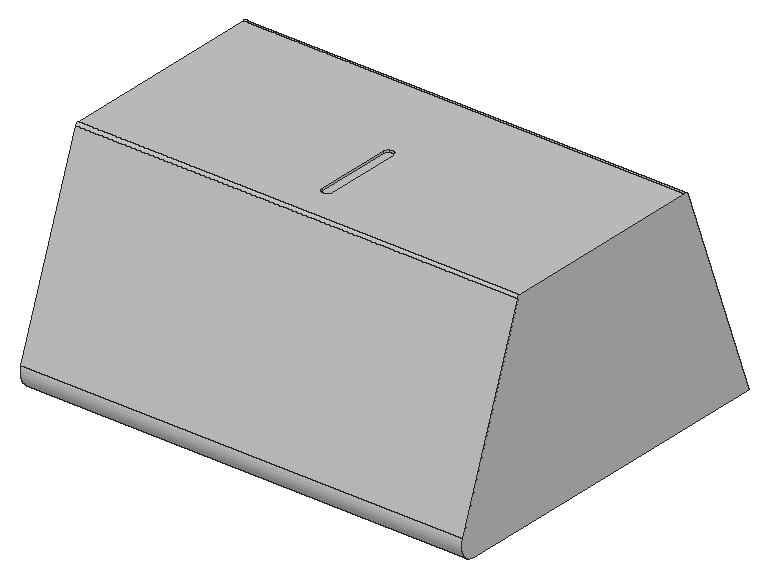
Revit family "NBS_DudleyIndustriesLimited_PprTwlDpnsrs_PlasmaPaperTowelDispenserSmall", category Furniture, host Face, Revit 2018
Family settings
  Host = Face
  Cut with Voids When Loaded = No
  Shared = No
  Room Calculation Point = No
Parameters (values of type "PlasmaPaperTowelDispenserSmall")
  Weight = "1.8 kg"
  WarrantyStartDate [instance] = "1900-12-31T23:59:59"
  WarrantyGuarantorParts = "n/a"
  WarrantyGuarantorLabor = "n/a"
  WarrantyDurationUnit = "year"
  WarrantyDurationParts = "n/a"
  WarrantyDurationLabor = "n/a"
  WarrantyDescription = "10 Years"
  Version = "1"  # constant formula
  Uniclass2015Version = "Products v1.18"
  Uniclass2015Title = "Paper towel dispensers"
  Uniclass2015Code = "Pr_40_70_22_62"
  TowelsTowelType = "C-fold or multi-fold"
  TagNumber [instance] = "n/a"
  SustainabilityPerformance = "n/a"
  Style = "Towel dispenser"
  Status = "UNSET"
  Size = "124 x 211 x 260 mm"
  Shape = "Rectangular"
  SerialNumber [instance] = "n/a"
  Revision = "n/a"
  ReplacementCost = "n/a"
  Reference = "n/a"
  ProductInformation = "https://www.dudleyindustries.com/washroom/product/plasma-paper-towel-dispenser-small/"
  NominalWidth = 260 mm
  NominalLength = 0 mm
  NominalHeight = 211 mm
  NominalDepth = 124 mm
  Name = "PaperTowelDispensers_PlasmaPaperTowelDispenserSmall_DudleyIndustriesLimited"
  NBSReference = "45-35-72/344"
  NBSDescription = "Paper towel dispensers"
  NBSCertification = "www.nationalbimlibrary.com/cert/eatcksk5"
  ModelReference = "PlasmaPaperTowelDispenserSmall"
  ModelNumber = "78820SS, 78820PS, 78820WH"
  MaterialsFinishAndColour = "Polished, brushed, white powder coated"
  MaterialsBody = "Stainless steel"
  Material = "Stainless steel"
  ManufacturerURL = "www.dudleyindustries.com"
  ManufacturerName = "Dudley Industries Limited"  # constant formula
  Manufacturer = "sales@dudleyindustries.com"
  MainColor = "n/a"
  IsBuiltIn = yes
  InstallationDate [instance] = "1900-12-31T23:59:59"
  IfcExportType = "UNDEFINED"  # constant formula
  IfcExportAs = "IfcFurnitureType"  # constant formula
  Grade = "n/a"
  Finish = "Polished/ Brushed/ White Powder Coated"
  Features = "Ideal in locations with restricted space, full seam weld construction"
  ExpectedLife = "n/a"
  DurationUnit = "year"
  DispenserMaterial = NBS_DudleyIndustriesLimited_StainlessSteel_Brushed
  Description = "Plasma paper towel dispenser"
  Default Elevation = 1050 mm
  Constituents = "n/a"
  Color = "n/a"
  CodePerformance = "n/a"
  Category = "Pr_40_70_22_62:Paper towel dispensers"
  BarCode [instance] = "n/a"
  BIMObjectName = "NBS_DudleyIndustriesLimited_PaperTowelDispensers_PlasmaPaperTowelDispenserSmall"
  Author = "NBS"  # constant formula
  AssetType = "Fixed"
  AssetIdentifier [instance] = "n/a"
  AccessibilityPerformance = "n/a"
Reference planes
  plane 1 "Bottom": y = 0
  plane 2 "Back": z = 0
  plane 3 "Center (Left/Right)": x = 0
  plane 4 "Left": x = -130
  plane 5 "Right": x = 130
  plane 6 "Top": y = 211
  plane 7 "Front": z = 124
Forms (mm)
  Extrusion 1, solid, material "NBS_DudleyIndustriesLimited_StainlessSteel_Brushed" <- "DispenserMaterial", detail levels fine
    sketch origin (0, 0, 0) x (0, 1, 0) y (0, 0, 1)
      loop
        line (164.467, 124) -> (42.885, 124)
        arc (42.885, 124) -> (41.742, 123.641) -> (41.01, 122.694) r 2
        line (41.01, 122.694) -> (0.621, 13.468)
        arc (0.621, 13.468) -> (1.794, 4.285) -> (10, 0) r 10
        line (10, 0) -> (211, 0) -> (166.347, 122.684)
        arc (166.347, 122.684) -> (165.614, 123.638) -> (164.467, 124) r 2
    from -130 to 130
  Extrusion 2, void
    sketch origin (0, 0, 124) x (0, 1, 0) y (-1, 0, 0)
      loop
        arc (63.5, 3) -> (60.5, 0) -> (63.5, -3) r 3
        line (63.5, -3) -> (108.5, -3)
        arc (108.5, -3) -> (111.5, 0) -> (108.5, 3) r 3
        line (108.5, 3) -> (63.5, 3)
    from 0 to -1
  Extrusion 3, solid, material "NBS_DudleyIndustriesLimited_StainlessSteel_Brushed" <- "DispenserMaterial", detail levels medium
    sketch origin (0, 0, 0) x (0, 1, 0) y (0, 0, 1)
      loop
        line (164.467, 124) -> (46.533, 124)
        arc (46.533, 124) -> (45.386, 123.638) -> (44.653, 122.684) r 2
        line (44.653, 122.684) -> (0, 0) -> (211, 0) -> (166.347, 122.684)
        arc (166.347, 122.684) -> (165.614, 123.638) -> (164.467, 124) r 2
    from -130 to 130
  Extrusion 4, solid, material "NBS_DudleyIndustriesLimited_StainlessSteel_Brushed" <- "DispenserMaterial", detail levels coarse
    sketch origin (0, 0, 0) x (0, 1, 0) y (0, 0, 1)
      loop
        line (211, 0) -> (211, 124) -> (0, 124) -> (0, 0) -> (211, 0)
    from -130 to 130
Cuts and joins
  Extrusion 2 cuts Extrusion 1
Dimensions and locks
  locked: plane 1 "Bottom" to plane 6 "Top" at 211
  equal spacing: plane 4 "Left", plane 3 "Center (Left/Right)", plane 5 "Right"
  locked: plane 4 "Left" to plane 5 "Right" at 260
  locked: plane 7 "Front" to level at 124
  plane 1 "Bottom" to Extrusion 2 sketch curve to Extrusion 2 sketch curve = 60.5 mm locked, 51 mm locked
  locked: Extrusion 1 sketch curve to plane 6 "Top" (angle 20.00°)
  locked: Extrusion 3 sketch curve to plane 6 "Top" (angle 20.00°)
  aligned and locked: plane 2 "Back" to host face
  aligned and locked: level to host face
  aligned and locked: plane 7 "Front" to Extrusion 1 sketch curve
  aligned and locked: plane 2 "Back" to Extrusion 1 sketch curve
  aligned and locked: plane 6 "Top" to Extrusion 1 sketch curve
  aligned and locked: Extrusion 1 to plane 4 "Left"
  aligned and locked: Extrusion 1 to plane 5 "Right"
  aligned and locked: plane 7 "Front" to Extrusion 3 sketch curve
  aligned and locked: plane 2 "Back" to Extrusion 3 sketch curve
  aligned and locked: plane 6 "Top" to Extrusion 3 sketch curve
  aligned and locked: plane 6 "Top" to Extrusion 4 sketch curve
  aligned and locked: plane 1 "Bottom" to Extrusion 4 sketch curve
  aligned and locked: plane 7 "Front" to Extrusion 4 sketch curve
  aligned and locked: plane 2 "Back" to Extrusion 4 sketch curve
  aligned and locked: Extrusion 4 to plane 4 "Left"
  aligned and locked: Extrusion 4 to plane 5 "Right"
  aligned and locked: Extrusion 3 to plane 4 "Left"
  aligned and locked: Extrusion 3 to plane 5 "Right"
Automatic sketch dimensions
  host sketch curve to host sketch curve = 2438.4 mm  (x2)
  Extrusion 2 sketch curve to Extrusion 2 sketch curve = 0 mm
  plane 3 "Center (Left/Right)" to Extrusion 2 sketch curve = 3 mm
  Extrusion 2 sketch curve to plane 3 "Center (Left/Right)" = 0 mm
  Extrusion 1 sketch curve to plane 7 "Front" = 1.316 mm
  Extrusion 1 sketch curve to Extrusion 1 sketch curve = 1.879 mm
  Extrusion 1 sketch curve to plane 1 "Bottom" = 42.885 mm
  Extrusion 1 sketch curve to plane 7 "Front" = 1.306 mm
  Extrusion 1 sketch curve to Extrusion 1 sketch curve = 1.876 mm
  Extrusion 1 sketch curve to plane 1 "Bottom" = 10 mm
  Extrusion 1 sketch curve to plane 1 "Bottom" = 0.621 mm
  level to Extrusion 1 sketch curve = 10 mm
  Extrusion 1 sketch curve to Extrusion 1 sketch curve = 0 mm
  Extrusion 3 sketch curve to plane 1 "Bottom" = 0 mm
  Extrusion 3 sketch curve to plane 7 "Front" = 1.316 mm  (x2)
  Extrusion 3 sketch curve to plane 1 "Bottom" = 44.653 mm
  Extrusion 3 sketch curve to Extrusion 3 sketch curve = 1.879 mm
  Extrusion 3 sketch curve to plane 6 "Top" = 46.533 mm
